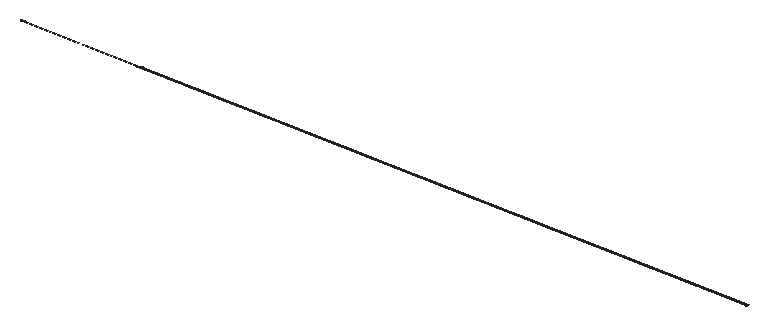
Revit family "Flex Pro IP20_0068175-78", category Lighting Fixtures, host Face, Revit 2017
Family settings
  Host = Face
  Round Connector Dimension = Use Diameter
  Part Type = Normal
  OmniClass Number = 23.80.70.00
  OmniClass Title = Lighting
  Cut with Voids When Loaded = No
  Light Source = Yes
  Shared = No
  Room Calculation Point = No
Parameters (values of type "0068177 FLEX PRO IP20 5150LM 940")
  Weight = "4.0 kg"
  Wattage Comments = ""
  Wattage = 48 W
  WarrantyStartDate [instance] = "n/a"
  WarrantyGuarantorParts = "n/a"
  WarrantyDurationUnit = "n/a"
  WarrantyDurationParts = "n/a"
  WarrantyDescription = "n/a"
  built-in parameter 1150110 = 1 (stored number, unit not read)
  Voltage = 0 V
  URL = "http://www.sylvania-lighting.com"
  TypeName = "Flex Pro IP20 5150lm 940"
  Type Image = <None>
  Type Comments = "n/a"
  built-in parameter 1114217 = 1 (stored number, unit not read)
  Tilt Angle = -90.00°
  built-in parameter 1150109 = 1 (stored number, unit not read)
  built-in parameter 1150134 = 12
  built-in parameter 1150113 = 1 (stored number, unit not read)
  SerialNumber [instance] = "n/a"
  Photometric Web File = "0068177.ies"
  PHOTOMETRY3_SYL = 0 mm
  PHOTOMETRY2_SYL = LUM_WIDTH_SYL  # 5 mm
  PHOTOMETRY1_SYL = LUM_LENGHT_SYL / 2  # 2500 mm
  Material_3_SYL = none
  PowerFactor = 0
  PowerConsumption = "48 W"
  NominalLength = 5000 mm
  NominalHeight = 1.2 mm
  NominalDepth = 10 mm
  Name = "Flex Pro IP20 5150lm 940"
  ModelReference = Name  # "Flex Pro IP20 5150lm 940"
  ModelNumber = "0068177"
  Model = Name  # "Flex Pro IP20 5150lm 940"
  Material = "n/a"
  ManufacturerName = "Feilo Sylvania"
  Manufacturer = "Feilo Sylvania"
  LuminousEfficacy = "107 lm/W"
  built-in parameter 1150105 = 408.71 (stored number, unit not read)
  Lumens = 5136 lm
  LuminaireType = ""
  built-in parameter 1150115 = 1 (stored number, unit not read)
  LightOutputRatio = "n/a"
  built-in parameter 1150137 = (empty or 0)
  built-in parameter 1150139 = (empty or 0)
  LampsType = Lamp  # "LED"
  LampNominalLuminous = "5150 lm"
  LampMacAdamStep = "n/a"
  LampColourTemperature = "4000 K"
  LampColourRenderingIndex = "90"
  built-in parameter 1150112 = 1 (stored number, unit not read)
  built-in parameter 1150114 = 1 (stored number, unit not read)
  Lamp = "LED"
  LUM_WIDTH_SYL = 5 mm
  LUM_LENGHT_SYL!!!! = "MUST BE DIVISIBLE WITH 50"
  LUM_LENGHT_SYL = 5000 mm  # constant formula
  LED_CH_S_WIDTH_SYL = 1.5 mm
  LED_CH_S_DEPTH2_SYL = 1 mm
  LED_CH_S_DEPTH1_SYL = 1.1 mm
  LED_CH_L_WIDTH_SYL = 1.7 mm
  LED_CH_L_DIST_SYL = 8.3 mm
  LED_CH_L_DIST1_SYL = 6 mm
  LED_CH_L_DEPTH_SYL = 1.4 mm
  Keynote = "16500"
  InstallationDate [instance] = "n/a"
  InputVoltage = "n/a"
  InputNominalFrequency = "n/a"
  built-in parameter 1150132 = (empty or 0)
  built-in parameter 1150102 = (empty or 0)
  built-in parameter 1150107 = 4000 (stored number, unit not read)
  built-in parameter 1150138 = (empty or 0)
  IngressProtection = "IP20"
  ImpactProtectionIndex = "IK00"
  built-in parameter 1150106 = 4.0871 (stored number, unit not read)
  IfcExportType = "IfcLightFixtureType"
  IfcExportAs = "IfcLightFixtureType"
  Emit from Circle Diameter = 609.6 mm
  Emit Shape Visible in Rendering = no
  ElectricShockClassification = "Class III"
  built-in parameter 1150104 = 9.9406 (stored number, unit not read)
  DocumentationLiterature = "http://www.sylvania-lighting.com/product/en-int/products/0068177"
  DimmingControlOptions = "n/a"
  Material_2_SYL = Default New Material
  Dimming Lamp Color Temperature Shift = <None>
  Description = ""
  Default Elevation = 1219.2 mm
  CreatedOn = "10/16/2020"
  CreatedBy = "@sylvania-lighting.com"
  Cost = 0
  Color Filter = 16777215
  built-in parameter 1114216 [instance] = (empty or 0)
  ClassificationValue = "EF_70_80"
  ClassificationName = "Uniclass2015"
  Material_1_SYL = Default
  CABLE_LENGHT_SYL = 1000 mm
  CABLE_FIX_SYL = 1 mm
  CABLE_END_SYL = 15 mm
  CABLE_DIST_SYL = 1.5 mm
  CABLE_DIST2_SYL = 1.5 mm
  CABLE_BLEND_SYL = 20 mm
  BarCode [instance] = "n/a"
  built-in parameter 1114218 = 1 (stored number, unit not read)
  built-in parameter 1150133 = 10 (stored number, unit not read)
  AssetType = "Fixed"
  AssetIdentifier [instance] = "n/a"
  Assembly Code = "D5020200"
  Apparent Load = 48 VA
  Material_4_SYL = none
Reference planes
  plane 1 "Center (Front/Back)": y = 0
  plane 2: z = 0
  plane 3 "Center (Left/Right)": x = 0
  plane 4: x = 5000
  plane 5: y = 5
  plane 6: y = -5
  plane 7: x = 1
  plane 8: x = -1000
  plane 9: x = -20
  plane 10: x = -985
  plane 11: y = 1.5
  plane 12: y = -1.5
  plane 13: y = 3.5
  plane 14: y = -3.5
  plane 15: y = 1.7
  plane 16: y = -1.7
  plane 17: y = 1.5
  plane 18: y = -1.5
  plane 19: x = 6
  plane 20: x = 14.3
  plane 21: x = 22.6
  plane 22: x = 30.9
  plane 23: x = 39.2
  plane 24: x = 47.5
  plane 25: x = 7.4
  plane 26: x = 4.6
  plane 27: x = 15.7
  plane 28: x = 12.9
  plane 29: x = 24
  plane 30: x = 21.2
  plane 31: x = 32.3
  plane 32: x = 29.5
  plane 33: x = 37.8
  plane 34: x = 40.6
  plane 35: x = 46.1
  plane 36: x = 48.9
  plane 37: x = 10.1
  plane 38: x = 18.4
  plane 39: x = 26.7
  plane 40: x = 35
  plane 41: x = 43.3
  plane 42: x = 9.1
  plane 43: x = 11.2
  plane 44: x = 17.4
  plane 45: x = 19.5
  plane 46: x = 44.4
  plane 47: x = 42.3
  plane 48: x = 36.1
  plane 49: x = 34
Forms (mm)
  Extrusion 1, solid, material "Default" <- "Material_1_SYL"
    sketch origin (0, 0, 0) x (1, 0, 0) y (0, 1, 0)
      loop
        line (0, 5) -> (0, -5) -> (5000, -5) -> (5000, 5) -> (0, 5)
    from -0.9 to -1.2
  Sweep 2, solid, material "Default New Material" <- "Material_2_SYL"
    path origin (0, 0, 0) x (1, 0, 0) y (0, 1, 0)
      loop
        line (1, 3.5) -> (0, 3.5) -> (-20, 1.5) -> (-985, 1.5)
    profile origin (-10, 2.5, 0) x (0.099504, -0.995037, 0) y (0, 0, 1)
      loop
        circle (0, 0) r 1.399
  Sweep 3, solid, material "Default New Material" <- "Material_2_SYL"
    path origin (0, 0, 0) x (1, 0, 0) y (0, 1, 0)
      loop
        line (1, -3.5) -> (0, -3.5) -> (-20, -1.5) -> (-985, -1.5)
    profile origin (-10, -2.5, 0) x (-0.099504, -0.995037, 0) y (0, 0, 1)
      loop
        circle (0, 0) r 1.353
  Revolve 4, solid
    sketch origin (0, 0, 0) x (1, 0, 0) y (0, 1, 0)
      loop
        line (-985, 1.5) -> (-985, 2.444) -> (-1000, 2.444) -> (-1000, 1.5) -> (-985, 1.5)
      axis (-985, 1.5) -> (-1000, 1.5)
    angle from 360 to 0
  Revolve 5, solid
    sketch origin (0, 0, 0) x (1, 0, 0) y (0, 1, 0)
      loop
        line (-985, -1.5) -> (-1000, -1.5) -> (-1000, -2.423) -> (-985, -2.423) -> (-985, -1.5)
      axis (-985, -1.5) -> (-1000, -1.5)
    angle from 360 to 0
  Extrusion 6, solid
    sketch origin (0, 0, 0) x (1, 0, 0) y (0, 1, 0)
      loop
        line (7.4, -1.7) -> (7.4, 1.7) -> (4.6, 1.7) -> (4.6, -1.7) -> (7.4, -1.7)
      loop
        line (15.7, -1.7) -> (15.7, 1.7) -> (12.9, 1.7) -> (12.9, -1.7) -> (15.7, -1.7)
      loop
        line (21.2, 1.7) -> (21.2, -1.7) -> (24, -1.7) -> (24, 1.7) -> (21.2, 1.7)
      loop
        line (32.3, -1.7) -> (32.3, 1.7) -> (29.5, 1.7) -> (29.5, -1.7) -> (32.3, -1.7)
      loop
        line (40.6, -1.7) -> (40.6, 1.7) -> (37.8, 1.7) -> (37.8, -1.7) -> (40.6, -1.7)
      loop
        line (48.9, -1.7) -> (48.9, 1.7) -> (46.1, 1.7) -> (46.1, -1.7) -> (48.9, -1.7)
    from -1.2 to 0
  Extrusion 7, solid
    sketch origin (0, 0, 0) x (1, 0, 0) y (0, 1, 0)
      loop
        line (9.1, 1.5) -> (9.1, -1.5) -> (11.2, -1.5) -> (11.2, 1.5) -> (9.1, 1.5)
      loop
        line (17.4, 1.5) -> (17.4, -1.5) -> (19.5, -1.5) -> (19.5, 1.5) -> (17.4, 1.5)
      loop
        line (34, 1.5) -> (34, -1.5) -> (36.1, -1.5) -> (36.1, 1.5) -> (34, 1.5)
      loop
        line (42.3, 1.5) -> (42.3, -1.5) -> (44.4, -1.5) -> (44.4, 1.5) -> (42.3, 1.5)
    from -1.2 to -0.5
  Extrusion 8, solid
    sketch origin (4946.4, 0, 0) x (1, 0, 0) y (0, 1, 0)
      loop
        line (7.4, -1.7) -> (7.4, 1.7) -> (4.6, 1.7) -> (4.6, -1.7) -> (7.4, -1.7)
      loop
        line (15.7, -1.7) -> (15.7, 1.7) -> (12.9, 1.7) -> (12.9, -1.7) -> (15.7, -1.7)
      loop
        line (21.2, 1.7) -> (21.2, -1.7) -> (24, -1.7) -> (24, 1.7) -> (21.2, 1.7)
      loop
        line (32.3, -1.7) -> (32.3, 1.7) -> (29.5, 1.7) -> (29.5, -1.7) -> (32.3, -1.7)
      loop
        line (40.6, -1.7) -> (40.6, 1.7) -> (37.8, 1.7) -> (37.8, -1.7) -> (40.6, -1.7)
      loop
        line (48.9, -1.7) -> (48.9, 1.7) -> (46.1, 1.7) -> (46.1, -1.7) -> (48.9, -1.7)
    from -1.2 to 0
  Extrusion 9, solid
    sketch origin (49.964, 0, 0) x (1, 0, 0) y (0, 1, 0)
      loop
        line (7.4, -1.7) -> (7.4, 1.7) -> (4.6, 1.7) -> (4.6, -1.7) -> (7.4, -1.7)
      loop
        line (15.7, -1.7) -> (15.7, 1.7) -> (12.9, 1.7) -> (12.9, -1.7) -> (15.7, -1.7)
      loop
        line (21.2, 1.7) -> (21.2, -1.7) -> (24, -1.7) -> (24, 1.7) -> (21.2, 1.7)
      loop
        line (32.3, -1.7) -> (32.3, 1.7) -> (29.5, 1.7) -> (29.5, -1.7) -> (32.3, -1.7)
      loop
        line (40.6, -1.7) -> (40.6, 1.7) -> (37.8, 1.7) -> (37.8, -1.7) -> (40.6, -1.7)
      loop
        line (48.9, -1.7) -> (48.9, 1.7) -> (46.1, 1.7) -> (46.1, -1.7) -> (48.9, -1.7)
    from -1.2 to 0
  Extrusion 10, solid
    sketch origin (99.927, 0, 0) x (1, 0, 0) y (0, 1, 0)
      loop
        line (7.4, -1.7) -> (7.4, 1.7) -> (4.6, 1.7) -> (4.6, -1.7) -> (7.4, -1.7)
      loop
        line (15.7, -1.7) -> (15.7, 1.7) -> (12.9, 1.7) -> (12.9, -1.7) -> (15.7, -1.7)
      loop
        line (21.2, 1.7) -> (21.2, -1.7) -> (24, -1.7) -> (24, 1.7) -> (21.2, 1.7)
      loop
        line (32.3, -1.7) -> (32.3, 1.7) -> (29.5, 1.7) -> (29.5, -1.7) -> (32.3, -1.7)
      loop
        line (40.6, -1.7) -> (40.6, 1.7) -> (37.8, 1.7) -> (37.8, -1.7) -> (40.6, -1.7)
      loop
        line (48.9, -1.7) -> (48.9, 1.7) -> (46.1, 1.7) -> (46.1, -1.7) -> (48.9, -1.7)
    from -1.2 to 0
  Extrusion 11, solid
    sketch origin (149.891, 0, 0) x (1, 0, 0) y (0, 1, 0)
      loop
        line (7.4, -1.7) -> (7.4, 1.7) -> (4.6, 1.7) -> (4.6, -1.7) -> (7.4, -1.7)
      loop
        line (15.7, -1.7) -> (15.7, 1.7) -> (12.9, 1.7) -> (12.9, -1.7) -> (15.7, -1.7)
      loop
        line (21.2, 1.7) -> (21.2, -1.7) -> (24, -1.7) -> (24, 1.7) -> (21.2, 1.7)
      loop
        line (32.3, -1.7) -> (32.3, 1.7) -> (29.5, 1.7) -> (29.5, -1.7) -> (32.3, -1.7)
      loop
        line (40.6, -1.7) -> (40.6, 1.7) -> (37.8, 1.7) -> (37.8, -1.7) -> (40.6, -1.7)
      loop
        line (48.9, -1.7) -> (48.9, 1.7) -> (46.1, 1.7) -> (46.1, -1.7) -> (48.9, -1.7)
    from -1.2 to 0
  Extrusion 12, solid
    sketch origin (199.855, 0, 0) x (1, 0, 0) y (0, 1, 0)
      loop
        line (7.4, -1.7) -> (7.4, 1.7) -> (4.6, 1.7) -> (4.6, -1.7) -> (7.4, -1.7)
      loop
        line (15.7, -1.7) -> (15.7, 1.7) -> (12.9, 1.7) -> (12.9, -1.7) -> (15.7, -1.7)
      loop
        line (21.2, 1.7) -> (21.2, -1.7) -> (24, -1.7) -> (24, 1.7) -> (21.2, 1.7)
      loop
        line (32.3, -1.7) -> (32.3, 1.7) -> (29.5, 1.7) -> (29.5, -1.7) -> (32.3, -1.7)
      loop
        line (40.6, -1.7) -> (40.6, 1.7) -> (37.8, 1.7) -> (37.8, -1.7) -> (40.6, -1.7)
      loop
        line (48.9, -1.7) -> (48.9, 1.7) -> (46.1, 1.7) -> (46.1, -1.7) -> (48.9, -1.7)
    from -1.2 to 0
  Extrusion 13, solid
    sketch origin (249.818, 0, 0) x (1, 0, 0) y (0, 1, 0)
      loop
        line (7.4, -1.7) -> (7.4, 1.7) -> (4.6, 1.7) -> (4.6, -1.7) -> (7.4, -1.7)
      loop
        line (15.7, -1.7) -> (15.7, 1.7) -> (12.9, 1.7) -> (12.9, -1.7) -> (15.7, -1.7)
      loop
        line (21.2, 1.7) -> (21.2, -1.7) -> (24, -1.7) -> (24, 1.7) -> (21.2, 1.7)
      loop
        line (32.3, -1.7) -> (32.3, 1.7) -> (29.5, 1.7) -> (29.5, -1.7) -> (32.3, -1.7)
      loop
        line (40.6, -1.7) -> (40.6, 1.7) -> (37.8, 1.7) -> (37.8, -1.7) -> (40.6, -1.7)
      loop
        line (48.9, -1.7) -> (48.9, 1.7) -> (46.1, 1.7) -> (46.1, -1.7) -> (48.9, -1.7)
    from -1.2 to 0
  Extrusion 14, solid
    sketch origin (299.782, 0, 0) x (1, 0, 0) y (0, 1, 0)
      loop
        line (7.4, -1.7) -> (7.4, 1.7) -> (4.6, 1.7) -> (4.6, -1.7) -> (7.4, -1.7)
      loop
        line (15.7, -1.7) -> (15.7, 1.7) -> (12.9, 1.7) -> (12.9, -1.7) -> (15.7, -1.7)
      loop
        line (21.2, 1.7) -> (21.2, -1.7) -> (24, -1.7) -> (24, 1.7) -> (21.2, 1.7)
      loop
        line (32.3, -1.7) -> (32.3, 1.7) -> (29.5, 1.7) -> (29.5, -1.7) -> (32.3, -1.7)
      loop
        line (40.6, -1.7) -> (40.6, 1.7) -> (37.8, 1.7) -> (37.8, -1.7) -> (40.6, -1.7)
      loop
        line (48.9, -1.7) -> (48.9, 1.7) -> (46.1, 1.7) -> (46.1, -1.7) -> (48.9, -1.7)
    from -1.2 to 0
  Extrusion 15, solid
    sketch origin (349.745, 0, 0) x (1, 0, 0) y (0, 1, 0)
      loop
        line (7.4, -1.7) -> (7.4, 1.7) -> (4.6, 1.7) -> (4.6, -1.7) -> (7.4, -1.7)
      loop
        line (15.7, -1.7) -> (15.7, 1.7) -> (12.9, 1.7) -> (12.9, -1.7) -> (15.7, -1.7)
      loop
        line (21.2, 1.7) -> (21.2, -1.7) -> (24, -1.7) -> (24, 1.7) -> (21.2, 1.7)
      loop
        line (32.3, -1.7) -> (32.3, 1.7) -> (29.5, 1.7) -> (29.5, -1.7) -> (32.3, -1.7)
      loop
        line (40.6, -1.7) -> (40.6, 1.7) -> (37.8, 1.7) -> (37.8, -1.7) -> (40.6, -1.7)
      loop
        line (48.9, -1.7) -> (48.9, 1.7) -> (46.1, 1.7) -> (46.1, -1.7) -> (48.9, -1.7)
    from -1.2 to 0
  Extrusion 16, solid
    sketch origin (399.709, 0, 0) x (1, 0, 0) y (0, 1, 0)
      loop
        line (7.4, -1.7) -> (7.4, 1.7) -> (4.6, 1.7) -> (4.6, -1.7) -> (7.4, -1.7)
      loop
        line (15.7, -1.7) -> (15.7, 1.7) -> (12.9, 1.7) -> (12.9, -1.7) -> (15.7, -1.7)
      loop
        line (21.2, 1.7) -> (21.2, -1.7) -> (24, -1.7) -> (24, 1.7) -> (21.2, 1.7)
      loop
        line (32.3, -1.7) -> (32.3, 1.7) -> (29.5, 1.7) -> (29.5, -1.7) -> (32.3, -1.7)
      loop
        line (40.6, -1.7) -> (40.6, 1.7) -> (37.8, 1.7) -> (37.8, -1.7) -> (40.6, -1.7)
      loop
        line (48.9, -1.7) -> (48.9, 1.7) -> (46.1, 1.7) -> (46.1, -1.7) -> (48.9, -1.7)
    from -1.2 to 0
  Extrusion 17, solid
    sketch origin (449.673, 0, 0) x (1, 0, 0) y (0, 1, 0)
      loop
        line (7.4, -1.7) -> (7.4, 1.7) -> (4.6, 1.7) -> (4.6, -1.7) -> (7.4, -1.7)
      loop
        line (15.7, -1.7) -> (15.7, 1.7) -> (12.9, 1.7) -> (12.9, -1.7) -> (15.7, -1.7)
      loop
        line (21.2, 1.7) -> (21.2, -1.7) -> (24, -1.7) -> (24, 1.7) -> (21.2, 1.7)
      loop
        line (32.3, -1.7) -> (32.3, 1.7) -> (29.5, 1.7) -> (29.5, -1.7) -> (32.3, -1.7)
      loop
        line (40.6, -1.7) -> (40.6, 1.7) -> (37.8, 1.7) -> (37.8, -1.7) -> (40.6, -1.7)
      loop
        line (48.9, -1.7) -> (48.9, 1.7) -> (46.1, 1.7) -> (46.1, -1.7) -> (48.9, -1.7)
    from -1.2 to 0
  Extrusion 18, solid
    sketch origin (499.636, 0, 0) x (1, 0, 0) y (0, 1, 0)
      loop
        line (7.4, -1.7) -> (7.4, 1.7) -> (4.6, 1.7) -> (4.6, -1.7) -> (7.4, -1.7)
      loop
        line (15.7, -1.7) -> (15.7, 1.7) -> (12.9, 1.7) -> (12.9, -1.7) -> (15.7, -1.7)
      loop
        line (21.2, 1.7) -> (21.2, -1.7) -> (24, -1.7) -> (24, 1.7) -> (21.2, 1.7)
      loop
        line (32.3, -1.7) -> (32.3, 1.7) -> (29.5, 1.7) -> (29.5, -1.7) -> (32.3, -1.7)
      loop
        line (40.6, -1.7) -> (40.6, 1.7) -> (37.8, 1.7) -> (37.8, -1.7) -> (40.6, -1.7)
      loop
        line (48.9, -1.7) -> (48.9, 1.7) -> (46.1, 1.7) -> (46.1, -1.7) -> (48.9, -1.7)
    from -1.2 to 0
  Extrusion 19, solid
    sketch origin (549.6, 0, 0) x (1, 0, 0) y (0, 1, 0)
      loop
        line (7.4, -1.7) -> (7.4, 1.7) -> (4.6, 1.7) -> (4.6, -1.7) -> (7.4, -1.7)
      loop
        line (15.7, -1.7) -> (15.7, 1.7) -> (12.9, 1.7) -> (12.9, -1.7) -> (15.7, -1.7)
      loop
        line (21.2, 1.7) -> (21.2, -1.7) -> (24, -1.7) -> (24, 1.7) -> (21.2, 1.7)
      loop
        line (32.3, -1.7) -> (32.3, 1.7) -> (29.5, 1.7) -> (29.5, -1.7) -> (32.3, -1.7)
      loop
        line (40.6, -1.7) -> (40.6, 1.7) -> (37.8, 1.7) -> (37.8, -1.7) -> (40.6, -1.7)
      loop
        line (48.9, -1.7) -> (48.9, 1.7) -> (46.1, 1.7) -> (46.1, -1.7) -> (48.9, -1.7)
    from -1.2 to 0
  Extrusion 20, solid
    sketch origin (599.564, 0, 0) x (1, 0, 0) y (0, 1, 0)
      loop
        line (7.4, -1.7) -> (7.4, 1.7) -> (4.6, 1.7) -> (4.6, -1.7) -> (7.4, -1.7)
      loop
        line (15.7, -1.7) -> (15.7, 1.7) -> (12.9, 1.7) -> (12.9, -1.7) -> (15.7, -1.7)
      loop
        line (21.2, 1.7) -> (21.2, -1.7) -> (24, -1.7) -> (24, 1.7) -> (21.2, 1.7)
      loop
        line (32.3, -1.7) -> (32.3, 1.7) -> (29.5, 1.7) -> (29.5, -1.7) -> (32.3, -1.7)
      loop
        line (40.6, -1.7) -> (40.6, 1.7) -> (37.8, 1.7) -> (37.8, -1.7) -> (40.6, -1.7)
      loop
        line (48.9, -1.7) -> (48.9, 1.7) -> (46.1, 1.7) -> (46.1, -1.7) -> (48.9, -1.7)
    from -1.2 to 0
  Extrusion 21, solid
    sketch origin (649.527, 0, 0) x (1, 0, 0) y (0, 1, 0)
      loop
        line (7.4, -1.7) -> (7.4, 1.7) -> (4.6, 1.7) -> (4.6, -1.7) -> (7.4, -1.7)
      loop
        line (15.7, -1.7) -> (15.7, 1.7) -> (12.9, 1.7) -> (12.9, -1.7) -> (15.7, -1.7)
      loop
        line (21.2, 1.7) -> (21.2, -1.7) -> (24, -1.7) -> (24, 1.7) -> (21.2, 1.7)
      loop
        line (32.3, -1.7) -> (32.3, 1.7) -> (29.5, 1.7) -> (29.5, -1.7) -> (32.3, -1.7)
      loop
        line (40.6, -1.7) -> (40.6, 1.7) -> (37.8, 1.7) -> (37.8, -1.7) -> (40.6, -1.7)
      loop
        line (48.9, -1.7) -> (48.9, 1.7) -> (46.1, 1.7) -> (46.1, -1.7) -> (48.9, -1.7)
    from -1.2 to 0
  Extrusion 22, solid
    sketch origin (699.491, 0, 0) x (1, 0, 0) y (0, 1, 0)
      loop
        line (7.4, -1.7) -> (7.4, 1.7) -> (4.6, 1.7) -> (4.6, -1.7) -> (7.4, -1.7)
      loop
        line (15.7, -1.7) -> (15.7, 1.7) -> (12.9, 1.7) -> (12.9, -1.7) -> (15.7, -1.7)
      loop
        line (21.2, 1.7) -> (21.2, -1.7) -> (24, -1.7) -> (24, 1.7) -> (21.2, 1.7)
      loop
        line (32.3, -1.7) -> (32.3, 1.7) -> (29.5, 1.7) -> (29.5, -1.7) -> (32.3, -1.7)
      loop
        line (40.6, -1.7) -> (40.6, 1.7) -> (37.8, 1.7) -> (37.8, -1.7) -> (40.6, -1.7)
      loop
        line (48.9, -1.7) -> (48.9, 1.7) -> (46.1, 1.7) -> (46.1, -1.7) -> (48.9, -1.7)
    from -1.2 to 0
  Extrusion 23, solid
    sketch origin (749.455, 0, 0) x (1, 0, 0) y (0, 1, 0)
      loop
        line (7.4, -1.7) -> (7.4, 1.7) -> (4.6, 1.7) -> (4.6, -1.7) -> (7.4, -1.7)
      loop
        line (15.7, -1.7) -> (15.7, 1.7) -> (12.9, 1.7) -> (12.9, -1.7) -> (15.7, -1.7)
      loop
        line (21.2, 1.7) -> (21.2, -1.7) -> (24, -1.7) -> (24, 1.7) -> (21.2, 1.7)
      loop
        line (32.3, -1.7) -> (32.3, 1.7) -> (29.5, 1.7) -> (29.5, -1.7) -> (32.3, -1.7)
      loop
        line (40.6, -1.7) -> (40.6, 1.7) -> (37.8, 1.7) -> (37.8, -1.7) -> (40.6, -1.7)
      loop
        line (48.9, -1.7) -> (48.9, 1.7) -> (46.1, 1.7) -> (46.1, -1.7) -> (48.9, -1.7)
    from -1.2 to 0
  Extrusion 24, solid
    sketch origin (799.418, 0, 0) x (1, 0, 0) y (0, 1, 0)
      loop
        line (7.4, -1.7) -> (7.4, 1.7) -> (4.6, 1.7) -> (4.6, -1.7) -> (7.4, -1.7)
      loop
        line (15.7, -1.7) -> (15.7, 1.7) -> (12.9, 1.7) -> (12.9, -1.7) -> (15.7, -1.7)
      loop
        line (21.2, 1.7) -> (21.2, -1.7) -> (24, -1.7) -> (24, 1.7) -> (21.2, 1.7)
      loop
        line (32.3, -1.7) -> (32.3, 1.7) -> (29.5, 1.7) -> (29.5, -1.7) -> (32.3, -1.7)
      loop
        line (40.6, -1.7) -> (40.6, 1.7) -> (37.8, 1.7) -> (37.8, -1.7) -> (40.6, -1.7)
      loop
        line (48.9, -1.7) -> (48.9, 1.7) -> (46.1, 1.7) -> (46.1, -1.7) -> (48.9, -1.7)
    from -1.2 to 0
  Extrusion 25, solid
    sketch origin (849.382, 0, 0) x (1, 0, 0) y (0, 1, 0)
      loop
        line (7.4, -1.7) -> (7.4, 1.7) -> (4.6, 1.7) -> (4.6, -1.7) -> (7.4, -1.7)
      loop
        line (15.7, -1.7) -> (15.7, 1.7) -> (12.9, 1.7) -> (12.9, -1.7) -> (15.7, -1.7)
      loop
        line (21.2, 1.7) -> (21.2, -1.7) -> (24, -1.7) -> (24, 1.7) -> (21.2, 1.7)
      loop
        line (32.3, -1.7) -> (32.3, 1.7) -> (29.5, 1.7) -> (29.5, -1.7) -> (32.3, -1.7)
      loop
        line (40.6, -1.7) -> (40.6, 1.7) -> (37.8, 1.7) -> (37.8, -1.7) -> (40.6, -1.7)
      loop
        line (48.9, -1.7) -> (48.9, 1.7) -> (46.1, 1.7) -> (46.1, -1.7) -> (48.9, -1.7)
    from -1.2 to 0
  Extrusion 26, solid
    sketch origin (899.345, 0, 0) x (1, 0, 0) y (0, 1, 0)
      loop
        line (7.4, -1.7) -> (7.4, 1.7) -> (4.6, 1.7) -> (4.6, -1.7) -> (7.4, -1.7)
      loop
        line (15.7, -1.7) -> (15.7, 1.7) -> (12.9, 1.7) -> (12.9, -1.7) -> (15.7, -1.7)
      loop
        line (21.2, 1.7) -> (21.2, -1.7) -> (24, -1.7) -> (24, 1.7) -> (21.2, 1.7)
      loop
        line (32.3, -1.7) -> (32.3, 1.7) -> (29.5, 1.7) -> (29.5, -1.7) -> (32.3, -1.7)
      loop
        line (40.6, -1.7) -> (40.6, 1.7) -> (37.8, 1.7) -> (37.8, -1.7) -> (40.6, -1.7)
      loop
        line (48.9, -1.7) -> (48.9, 1.7) -> (46.1, 1.7) -> (46.1, -1.7) -> (48.9, -1.7)
    from -1.2 to 0
  Extrusion 27, solid
    sketch origin (949.309, 0, 0) x (1, 0, 0) y (0, 1, 0)
      loop
        line (7.4, -1.7) -> (7.4, 1.7) -> (4.6, 1.7) -> (4.6, -1.7) -> (7.4, -1.7)
      loop
        line (15.7, -1.7) -> (15.7, 1.7) -> (12.9, 1.7) -> (12.9, -1.7) -> (15.7, -1.7)
      loop
        line (21.2, 1.7) -> (21.2, -1.7) -> (24, -1.7) -> (24, 1.7) -> (21.2, 1.7)
      loop
        line (32.3, -1.7) -> (32.3, 1.7) -> (29.5, 1.7) -> (29.5, -1.7) -> (32.3, -1.7)
      loop
        line (40.6, -1.7) -> (40.6, 1.7) -> (37.8, 1.7) -> (37.8, -1.7) -> (40.6, -1.7)
      loop
        line (48.9, -1.7) -> (48.9, 1.7) -> (46.1, 1.7) -> (46.1, -1.7) -> (48.9, -1.7)
    from -1.2 to 0
  Extrusion 28, solid
    sketch origin (999.273, 0, 0) x (1, 0, 0) y (0, 1, 0)
      loop
        line (7.4, -1.7) -> (7.4, 1.7) -> (4.6, 1.7) -> (4.6, -1.7) -> (7.4, -1.7)
      loop
        line (15.7, -1.7) -> (15.7, 1.7) -> (12.9, 1.7) -> (12.9, -1.7) -> (15.7, -1.7)
      loop
        line (21.2, 1.7) -> (21.2, -1.7) -> (24, -1.7) -> (24, 1.7) -> (21.2, 1.7)
      loop
        line (32.3, -1.7) -> (32.3, 1.7) -> (29.5, 1.7) -> (29.5, -1.7) -> (32.3, -1.7)
      loop
        line (40.6, -1.7) -> (40.6, 1.7) -> (37.8, 1.7) -> (37.8, -1.7) -> (40.6, -1.7)
      loop
        line (48.9, -1.7) -> (48.9, 1.7) -> (46.1, 1.7) -> (46.1, -1.7) -> (48.9, -1.7)
    from -1.2 to 0
  Extrusion 29, solid
    sketch origin (1049.236, 0, 0) x (1, 0, 0) y (0, 1, 0)
      loop
        line (7.4, -1.7) -> (7.4, 1.7) -> (4.6, 1.7) -> (4.6, -1.7) -> (7.4, -1.7)
      loop
        line (15.7, -1.7) -> (15.7, 1.7) -> (12.9, 1.7) -> (12.9, -1.7) -> (15.7, -1.7)
      loop
        line (21.2, 1.7) -> (21.2, -1.7) -> (24, -1.7) -> (24, 1.7) -> (21.2, 1.7)
      loop
        line (32.3, -1.7) -> (32.3, 1.7) -> (29.5, 1.7) -> (29.5, -1.7) -> (32.3, -1.7)
      loop
        line (40.6, -1.7) -> (40.6, 1.7) -> (37.8, 1.7) -> (37.8, -1.7) -> (40.6, -1.7)
      loop
        line (48.9, -1.7) -> (48.9, 1.7) -> (46.1, 1.7) -> (46.1, -1.7) -> (48.9, -1.7)
    from -1.2 to 0
  Extrusion 30, solid
    sketch origin (1099.2, 0, 0) x (1, 0, 0) y (0, 1, 0)
      loop
        line (7.4, -1.7) -> (7.4, 1.7) -> (4.6, 1.7) -> (4.6, -1.7) -> (7.4, -1.7)
      loop
        line (15.7, -1.7) -> (15.7, 1.7) -> (12.9, 1.7) -> (12.9, -1.7) -> (15.7, -1.7)
      loop
        line (21.2, 1.7) -> (21.2, -1.7) -> (24, -1.7) -> (24, 1.7) -> (21.2, 1.7)
      loop
        line (32.3, -1.7) -> (32.3, 1.7) -> (29.5, 1.7) -> (29.5, -1.7) -> (32.3, -1.7)
      loop
        line (40.6, -1.7) -> (40.6, 1.7) -> (37.8, 1.7) -> (37.8, -1.7) -> (40.6, -1.7)
      loop
        line (48.9, -1.7) -> (48.9, 1.7) -> (46.1, 1.7) -> (46.1, -1.7) -> (48.9, -1.7)
    from -1.2 to 0
  Extrusion 31, solid
    sketch origin (1149.164, 0, 0) x (1, 0, 0) y (0, 1, 0)
      loop
        line (7.4, -1.7) -> (7.4, 1.7) -> (4.6, 1.7) -> (4.6, -1.7) -> (7.4, -1.7)
      loop
        line (15.7, -1.7) -> (15.7, 1.7) -> (12.9, 1.7) -> (12.9, -1.7) -> (15.7, -1.7)
      loop
        line (21.2, 1.7) -> (21.2, -1.7) -> (24, -1.7) -> (24, 1.7) -> (21.2, 1.7)
      loop
        line (32.3, -1.7) -> (32.3, 1.7) -> (29.5, 1.7) -> (29.5, -1.7) -> (32.3, -1.7)
      loop
        line (40.6, -1.7) -> (40.6, 1.7) -> (37.8, 1.7) -> (37.8, -1.7) -> (40.6, -1.7)
      loop
        line (48.9, -1.7) -> (48.9, 1.7) -> (46.1, 1.7) -> (46.1, -1.7) -> (48.9, -1.7)
    from -1.2 to 0
  Extrusion 32, solid
    sketch origin (1199.127, 0, 0) x (1, 0, 0) y (0, 1, 0)
      loop
        line (7.4, -1.7) -> (7.4, 1.7) -> (4.6, 1.7) -> (4.6, -1.7) -> (7.4, -1.7)
      loop
        line (15.7, -1.7) -> (15.7, 1.7) -> (12.9, 1.7) -> (12.9, -1.7) -> (15.7, -1.7)
      loop
        line (21.2, 1.7) -> (21.2, -1.7) -> (24, -1.7) -> (24, 1.7) -> (21.2, 1.7)
      loop
        line (32.3, -1.7) -> (32.3, 1.7) -> (29.5, 1.7) -> (29.5, -1.7) -> (32.3, -1.7)
      loop
        line (40.6, -1.7) -> (40.6, 1.7) -> (37.8, 1.7) -> (37.8, -1.7) -> (40.6, -1.7)
      loop
        line (48.9, -1.7) -> (48.9, 1.7) -> (46.1, 1.7) -> (46.1, -1.7) -> (48.9, -1.7)
    from -1.2 to 0
  Extrusion 33, solid
    sketch origin (1249.091, 0, 0) x (1, 0, 0) y (0, 1, 0)
      loop
        line (7.4, -1.7) -> (7.4, 1.7) -> (4.6, 1.7) -> (4.6, -1.7) -> (7.4, -1.7)
      loop
        line (15.7, -1.7) -> (15.7, 1.7) -> (12.9, 1.7) -> (12.9, -1.7) -> (15.7, -1.7)
      loop
        line (21.2, 1.7) -> (21.2, -1.7) -> (24, -1.7) -> (24, 1.7) -> (21.2, 1.7)
      loop
        line (32.3, -1.7) -> (32.3, 1.7) -> (29.5, 1.7) -> (29.5, -1.7) -> (32.3, -1.7)
      loop
        line (40.6, -1.7) -> (40.6, 1.7) -> (37.8, 1.7) -> (37.8, -1.7) -> (40.6, -1.7)
      loop
        line (48.9, -1.7) -> (48.9, 1.7) -> (46.1, 1.7) -> (46.1, -1.7) -> (48.9, -1.7)
    from -1.2 to 0
  Extrusion 34, solid
    sketch origin (1299.055, 0, 0) x (1, 0, 0) y (0, 1, 0)
      loop
        line (7.4, -1.7) -> (7.4, 1.7) -> (4.6, 1.7) -> (4.6, -1.7) -> (7.4, -1.7)
      loop
        line (15.7, -1.7) -> (15.7, 1.7) -> (12.9, 1.7) -> (12.9, -1.7) -> (15.7, -1.7)
      loop
        line (21.2, 1.7) -> (21.2, -1.7) -> (24, -1.7) -> (24, 1.7) -> (21.2, 1.7)
      loop
        line (32.3, -1.7) -> (32.3, 1.7) -> (29.5, 1.7) -> (29.5, -1.7) -> (32.3, -1.7)
      loop
        line (40.6, -1.7) -> (40.6, 1.7) -> (37.8, 1.7) -> (37.8, -1.7) -> (40.6, -1.7)
      loop
        line (48.9, -1.7) -> (48.9, 1.7) -> (46.1, 1.7) -> (46.1, -1.7) -> (48.9, -1.7)
    from -1.2 to 0
  Extrusion 35, solid
    sketch origin (1349.018, 0, 0) x (1, 0, 0) y (0, 1, 0)
      loop
        line (7.4, -1.7) -> (7.4, 1.7) -> (4.6, 1.7) -> (4.6, -1.7) -> (7.4, -1.7)
      loop
        line (15.7, -1.7) -> (15.7, 1.7) -> (12.9, 1.7) -> (12.9, -1.7) -> (15.7, -1.7)
      loop
        line (21.2, 1.7) -> (21.2, -1.7) -> (24, -1.7) -> (24, 1.7) -> (21.2, 1.7)
      loop
        line (32.3, -1.7) -> (32.3, 1.7) -> (29.5, 1.7) -> (29.5, -1.7) -> (32.3, -1.7)
      loop
        line (40.6, -1.7) -> (40.6, 1.7) -> (37.8, 1.7) -> (37.8, -1.7) -> (40.6, -1.7)
      loop
        line (48.9, -1.7) -> (48.9, 1.7) -> (46.1, 1.7) -> (46.1, -1.7) -> (48.9, -1.7)
    from -1.2 to 0
  Extrusion 36, solid
    sketch origin (1398.982, 0, 0) x (1, 0, 0) y (0, 1, 0)
      loop
        line (7.4, -1.7) -> (7.4, 1.7) -> (4.6, 1.7) -> (4.6, -1.7) -> (7.4, -1.7)
      loop
        line (15.7, -1.7) -> (15.7, 1.7) -> (12.9, 1.7) -> (12.9, -1.7) -> (15.7, -1.7)
      loop
        line (21.2, 1.7) -> (21.2, -1.7) -> (24, -1.7) -> (24, 1.7) -> (21.2, 1.7)
      loop
        line (32.3, -1.7) -> (32.3, 1.7) -> (29.5, 1.7) -> (29.5, -1.7) -> (32.3, -1.7)
      loop
        line (40.6, -1.7) -> (40.6, 1.7) -> (37.8, 1.7) -> (37.8, -1.7) -> (40.6, -1.7)
      loop
        line (48.9, -1.7) -> (48.9, 1.7) -> (46.1, 1.7) -> (46.1, -1.7) -> (48.9, -1.7)
    from -1.2 to 0
  Extrusion 37, solid
    sketch origin (1448.945, 0, 0) x (1, 0, 0) y (0, 1, 0)
      loop
        line (7.4, -1.7) -> (7.4, 1.7) -> (4.6, 1.7) -> (4.6, -1.7) -> (7.4, -1.7)
      loop
        line (15.7, -1.7) -> (15.7, 1.7) -> (12.9, 1.7) -> (12.9, -1.7) -> (15.7, -1.7)
      loop
        line (21.2, 1.7) -> (21.2, -1.7) -> (24, -1.7) -> (24, 1.7) -> (21.2, 1.7)
      loop
        line (32.3, -1.7) -> (32.3, 1.7) -> (29.5, 1.7) -> (29.5, -1.7) -> (32.3, -1.7)
      loop
        line (40.6, -1.7) -> (40.6, 1.7) -> (37.8, 1.7) -> (37.8, -1.7) -> (40.6, -1.7)
      loop
        line (48.9, -1.7) -> (48.9, 1.7) -> (46.1, 1.7) -> (46.1, -1.7) -> (48.9, -1.7)
    from -1.2 to 0
  Extrusion 38, solid
    sketch origin (1498.909, 0, 0) x (1, 0, 0) y (0, 1, 0)
      loop
        line (7.4, -1.7) -> (7.4, 1.7) -> (4.6, 1.7) -> (4.6, -1.7) -> (7.4, -1.7)
      loop
        line (15.7, -1.7) -> (15.7, 1.7) -> (12.9, 1.7) -> (12.9, -1.7) -> (15.7, -1.7)
      loop
        line (21.2, 1.7) -> (21.2, -1.7) -> (24, -1.7) -> (24, 1.7) -> (21.2, 1.7)
      loop
        line (32.3, -1.7) -> (32.3, 1.7) -> (29.5, 1.7) -> (29.5, -1.7) -> (32.3, -1.7)
      loop
        line (40.6, -1.7) -> (40.6, 1.7) -> (37.8, 1.7) -> (37.8, -1.7) -> (40.6, -1.7)
      loop
        line (48.9, -1.7) -> (48.9, 1.7) -> (46.1, 1.7) -> (46.1, -1.7) -> (48.9, -1.7)
    from -1.2 to 0
  Extrusion 39, solid
    sketch origin (1548.873, 0, 0) x (1, 0, 0) y (0, 1, 0)
      loop
        line (7.4, -1.7) -> (7.4, 1.7) -> (4.6, 1.7) -> (4.6, -1.7) -> (7.4, -1.7)
      loop
        line (15.7, -1.7) -> (15.7, 1.7) -> (12.9, 1.7) -> (12.9, -1.7) -> (15.7, -1.7)
      loop
        line (21.2, 1.7) -> (21.2, -1.7) -> (24, -1.7) -> (24, 1.7) -> (21.2, 1.7)
      loop
        line (32.3, -1.7) -> (32.3, 1.7) -> (29.5, 1.7) -> (29.5, -1.7) -> (32.3, -1.7)
      loop
        line (40.6, -1.7) -> (40.6, 1.7) -> (37.8, 1.7) -> (37.8, -1.7) -> (40.6, -1.7)
      loop
        line (48.9, -1.7) -> (48.9, 1.7) -> (46.1, 1.7) -> (46.1, -1.7) -> (48.9, -1.7)
    from -1.2 to 0
  Extrusion 40, solid
    sketch origin (1598.836, 0, 0) x (1, 0, 0) y (0, 1, 0)
      loop
        line (7.4, -1.7) -> (7.4, 1.7) -> (4.6, 1.7) -> (4.6, -1.7) -> (7.4, -1.7)
      loop
        line (15.7, -1.7) -> (15.7, 1.7) -> (12.9, 1.7) -> (12.9, -1.7) -> (15.7, -1.7)
      loop
        line (21.2, 1.7) -> (21.2, -1.7) -> (24, -1.7) -> (24, 1.7) -> (21.2, 1.7)
      loop
        line (32.3, -1.7) -> (32.3, 1.7) -> (29.5, 1.7) -> (29.5, -1.7) -> (32.3, -1.7)
      loop
        line (40.6, -1.7) -> (40.6, 1.7) -> (37.8, 1.7) -> (37.8, -1.7) -> (40.6, -1.7)
      loop
        line (48.9, -1.7) -> (48.9, 1.7) -> (46.1, 1.7) -> (46.1, -1.7) -> (48.9, -1.7)
    from -1.2 to 0
  Extrusion 41, solid
    sketch origin (1648.8, 0, 0) x (1, 0, 0) y (0, 1, 0)
      loop
        line (7.4, -1.7) -> (7.4, 1.7) -> (4.6, 1.7) -> (4.6, -1.7) -> (7.4, -1.7)
      loop
        line (15.7, -1.7) -> (15.7, 1.7) -> (12.9, 1.7) -> (12.9, -1.7) -> (15.7, -1.7)
      loop
        line (21.2, 1.7) -> (21.2, -1.7) -> (24, -1.7) -> (24, 1.7) -> (21.2, 1.7)
      loop
        line (32.3, -1.7) -> (32.3, 1.7) -> (29.5, 1.7) -> (29.5, -1.7) -> (32.3, -1.7)
      loop
        line (40.6, -1.7) -> (40.6, 1.7) -> (37.8, 1.7) -> (37.8, -1.7) -> (40.6, -1.7)
      loop
        line (48.9, -1.7) -> (48.9, 1.7) -> (46.1, 1.7) -> (46.1, -1.7) -> (48.9, -1.7)
    from -1.2 to 0
  Extrusion 42, solid
    sketch origin (1698.764, 0, 0) x (1, 0, 0) y (0, 1, 0)
      loop
        line (7.4, -1.7) -> (7.4, 1.7) -> (4.6, 1.7) -> (4.6, -1.7) -> (7.4, -1.7)
      loop
        line (15.7, -1.7) -> (15.7, 1.7) -> (12.9, 1.7) -> (12.9, -1.7) -> (15.7, -1.7)
      loop
        line (21.2, 1.7) -> (21.2, -1.7) -> (24, -1.7) -> (24, 1.7) -> (21.2, 1.7)
      loop
        line (32.3, -1.7) -> (32.3, 1.7) -> (29.5, 1.7) -> (29.5, -1.7) -> (32.3, -1.7)
      loop
        line (40.6, -1.7) -> (40.6, 1.7) -> (37.8, 1.7) -> (37.8, -1.7) -> (40.6, -1.7)
      loop
        line (48.9, -1.7) -> (48.9, 1.7) -> (46.1, 1.7) -> (46.1, -1.7) -> (48.9, -1.7)
    from -1.2 to 0
  Extrusion 43, solid
    sketch origin (1748.727, 0, 0) x (1, 0, 0) y (0, 1, 0)
      loop
        line (7.4, -1.7) -> (7.4, 1.7) -> (4.6, 1.7) -> (4.6, -1.7) -> (7.4, -1.7)
      loop
        line (15.7, -1.7) -> (15.7, 1.7) -> (12.9, 1.7) -> (12.9, -1.7) -> (15.7, -1.7)
      loop
        line (21.2, 1.7) -> (21.2, -1.7) -> (24, -1.7) -> (24, 1.7) -> (21.2, 1.7)
      loop
        line (32.3, -1.7) -> (32.3, 1.7) -> (29.5, 1.7) -> (29.5, -1.7) -> (32.3, -1.7)
      loop
        line (40.6, -1.7) -> (40.6, 1.7) -> (37.8, 1.7) -> (37.8, -1.7) -> (40.6, -1.7)
      loop
        line (48.9, -1.7) -> (48.9, 1.7) -> (46.1, 1.7) -> (46.1, -1.7) -> (48.9, -1.7)
    from -1.2 to 0
  Extrusion 44, solid
    sketch origin (1798.691, 0, 0) x (1, 0, 0) y (0, 1, 0)
      loop
        line (7.4, -1.7) -> (7.4, 1.7) -> (4.6, 1.7) -> (4.6, -1.7) -> (7.4, -1.7)
      loop
        line (15.7, -1.7) -> (15.7, 1.7) -> (12.9, 1.7) -> (12.9, -1.7) -> (15.7, -1.7)
      loop
        line (21.2, 1.7) -> (21.2, -1.7) -> (24, -1.7) -> (24, 1.7) -> (21.2, 1.7)
      loop
        line (32.3, -1.7) -> (32.3, 1.7) -> (29.5, 1.7) -> (29.5, -1.7) -> (32.3, -1.7)
      loop
        line (40.6, -1.7) -> (40.6, 1.7) -> (37.8, 1.7) -> (37.8, -1.7) -> (40.6, -1.7)
      loop
        line (48.9, -1.7) -> (48.9, 1.7) -> (46.1, 1.7) -> (46.1, -1.7) -> (48.9, -1.7)
    from -1.2 to 0
  Extrusion 45, solid
    sketch origin (1848.655, 0, 0) x (1, 0, 0) y (0, 1, 0)
      loop
        line (7.4, -1.7) -> (7.4, 1.7) -> (4.6, 1.7) -> (4.6, -1.7) -> (7.4, -1.7)
      loop
        line (15.7, -1.7) -> (15.7, 1.7) -> (12.9, 1.7) -> (12.9, -1.7) -> (15.7, -1.7)
      loop
        line (21.2, 1.7) -> (21.2, -1.7) -> (24, -1.7) -> (24, 1.7) -> (21.2, 1.7)
      loop
        line (32.3, -1.7) -> (32.3, 1.7) -> (29.5, 1.7) -> (29.5, -1.7) -> (32.3, -1.7)
      loop
        line (40.6, -1.7) -> (40.6, 1.7) -> (37.8, 1.7) -> (37.8, -1.7) -> (40.6, -1.7)
      loop
        line (48.9, -1.7) -> (48.9, 1.7) -> (46.1, 1.7) -> (46.1, -1.7) -> (48.9, -1.7)
    from -1.2 to 0
  Extrusion 46, solid
    sketch origin (1898.618, 0, 0) x (1, 0, 0) y (0, 1, 0)
      loop
        line (7.4, -1.7) -> (7.4, 1.7) -> (4.6, 1.7) -> (4.6, -1.7) -> (7.4, -1.7)
      loop
        line (15.7, -1.7) -> (15.7, 1.7) -> (12.9, 1.7) -> (12.9, -1.7) -> (15.7, -1.7)
      loop
        line (21.2, 1.7) -> (21.2, -1.7) -> (24, -1.7) -> (24, 1.7) -> (21.2, 1.7)
      loop
        line (32.3, -1.7) -> (32.3, 1.7) -> (29.5, 1.7) -> (29.5, -1.7) -> (32.3, -1.7)
      loop
        line (40.6, -1.7) -> (40.6, 1.7) -> (37.8, 1.7) -> (37.8, -1.7) -> (40.6, -1.7)
      loop
        line (48.9, -1.7) -> (48.9, 1.7) -> (46.1, 1.7) -> (46.1, -1.7) -> (48.9, -1.7)
    from -1.2 to 0
  Extrusion 47, solid
    sketch origin (1948.582, 0, 0) x (1, 0, 0) y (0, 1, 0)
      loop
        line (7.4, -1.7) -> (7.4, 1.7) -> (4.6, 1.7) -> (4.6, -1.7) -> (7.4, -1.7)
      loop
        line (15.7, -1.7) -> (15.7, 1.7) -> (12.9, 1.7) -> (12.9, -1.7) -> (15.7, -1.7)
      loop
        line (21.2, 1.7) -> (21.2, -1.7) -> (24, -1.7) -> (24, 1.7) -> (21.2, 1.7)
      loop
        line (32.3, -1.7) -> (32.3, 1.7) -> (29.5, 1.7) -> (29.5, -1.7) -> (32.3, -1.7)
      loop
        line (40.6, -1.7) -> (40.6, 1.7) -> (37.8, 1.7) -> (37.8, -1.7) -> (40.6, -1.7)
      loop
        line (48.9, -1.7) -> (48.9, 1.7) -> (46.1, 1.7) -> (46.1, -1.7) -> (48.9, -1.7)
    from -1.2 to 0
  Extrusion 48, solid
    sketch origin (1998.545, 0, 0) x (1, 0, 0) y (0, 1, 0)
      loop
        line (7.4, -1.7) -> (7.4, 1.7) -> (4.6, 1.7) -> (4.6, -1.7) -> (7.4, -1.7)
      loop
        line (15.7, -1.7) -> (15.7, 1.7) -> (12.9, 1.7) -> (12.9, -1.7) -> (15.7, -1.7)
      loop
        line (21.2, 1.7) -> (21.2, -1.7) -> (24, -1.7) -> (24, 1.7) -> (21.2, 1.7)
      loop
        line (32.3, -1.7) -> (32.3, 1.7) -> (29.5, 1.7) -> (29.5, -1.7) -> (32.3, -1.7)
      loop
        line (40.6, -1.7) -> (40.6, 1.7) -> (37.8, 1.7) -> (37.8, -1.7) -> (40.6, -1.7)
      loop
        line (48.9, -1.7) -> (48.9, 1.7) -> (46.1, 1.7) -> (46.1, -1.7) -> (48.9, -1.7)
    from -1.2 to 0
  Extrusion 49, solid
    sketch origin (2048.509, 0, 0) x (1, 0, 0) y (0, 1, 0)
      loop
        line (7.4, -1.7) -> (7.4, 1.7) -> (4.6, 1.7) -> (4.6, -1.7) -> (7.4, -1.7)
      loop
        line (15.7, -1.7) -> (15.7, 1.7) -> (12.9, 1.7) -> (12.9, -1.7) -> (15.7, -1.7)
      loop
        line (21.2, 1.7) -> (21.2, -1.7) -> (24, -1.7) -> (24, 1.7) -> (21.2, 1.7)
      loop
        line (32.3, -1.7) -> (32.3, 1.7) -> (29.5, 1.7) -> (29.5, -1.7) -> (32.3, -1.7)
      loop
        line (40.6, -1.7) -> (40.6, 1.7) -> (37.8, 1.7) -> (37.8, -1.7) -> (40.6, -1.7)
      loop
        line (48.9, -1.7) -> (48.9, 1.7) -> (46.1, 1.7) -> (46.1, -1.7) -> (48.9, -1.7)
    from -1.2 to 0
  Extrusion 50, solid
    sketch origin (2098.473, 0, 0) x (1, 0, 0) y (0, 1, 0)
      loop
        line (7.4, -1.7) -> (7.4, 1.7) -> (4.6, 1.7) -> (4.6, -1.7) -> (7.4, -1.7)
      loop
        line (15.7, -1.7) -> (15.7, 1.7) -> (12.9, 1.7) -> (12.9, -1.7) -> (15.7, -1.7)
      loop
        line (21.2, 1.7) -> (21.2, -1.7) -> (24, -1.7) -> (24, 1.7) -> (21.2, 1.7)
      loop
        line (32.3, -1.7) -> (32.3, 1.7) -> (29.5, 1.7) -> (29.5, -1.7) -> (32.3, -1.7)
      loop
        line (40.6, -1.7) -> (40.6, 1.7) -> (37.8, 1.7) -> (37.8, -1.7) -> (40.6, -1.7)
      loop
        line (48.9, -1.7) -> (48.9, 1.7) -> (46.1, 1.7) -> (46.1, -1.7) -> (48.9, -1.7)
    from -1.2 to 0
  Extrusion 51, solid
    sketch origin (2148.436, 0, 0) x (1, 0, 0) y (0, 1, 0)
      loop
        line (7.4, -1.7) -> (7.4, 1.7) -> (4.6, 1.7) -> (4.6, -1.7) -> (7.4, -1.7)
      loop
        line (15.7, -1.7) -> (15.7, 1.7) -> (12.9, 1.7) -> (12.9, -1.7) -> (15.7, -1.7)
      loop
        line (21.2, 1.7) -> (21.2, -1.7) -> (24, -1.7) -> (24, 1.7) -> (21.2, 1.7)
      loop
        line (32.3, -1.7) -> (32.3, 1.7) -> (29.5, 1.7) -> (29.5, -1.7) -> (32.3, -1.7)
      loop
        line (40.6, -1.7) -> (40.6, 1.7) -> (37.8, 1.7) -> (37.8, -1.7) -> (40.6, -1.7)
      loop
        line (48.9, -1.7) -> (48.9, 1.7) -> (46.1, 1.7) -> (46.1, -1.7) -> (48.9, -1.7)
    from -1.2 to 0
  Extrusion 52, solid
    sketch origin (2198.4, 0, 0) x (1, 0, 0) y (0, 1, 0)
      loop
        line (7.4, -1.7) -> (7.4, 1.7) -> (4.6, 1.7) -> (4.6, -1.7) -> (7.4, -1.7)
      loop
        line (15.7, -1.7) -> (15.7, 1.7) -> (12.9, 1.7) -> (12.9, -1.7) -> (15.7, -1.7)
      loop
        line (21.2, 1.7) -> (21.2, -1.7) -> (24, -1.7) -> (24, 1.7) -> (21.2, 1.7)
      loop
        line (32.3, -1.7) -> (32.3, 1.7) -> (29.5, 1.7) -> (29.5, -1.7) -> (32.3, -1.7)
      loop
        line (40.6, -1.7) -> (40.6, 1.7) -> (37.8, 1.7) -> (37.8, -1.7) -> (40.6, -1.7)
      loop
        line (48.9, -1.7) -> (48.9, 1.7) -> (46.1, 1.7) -> (46.1, -1.7) -> (48.9, -1.7)
    from -1.2 to 0
  Extrusion 53, solid
    sketch origin (2248.364, 0, 0) x (1, 0, 0) y (0, 1, 0)
      loop
        line (7.4, -1.7) -> (7.4, 1.7) -> (4.6, 1.7) -> (4.6, -1.7) -> (7.4, -1.7)
      loop
        line (15.7, -1.7) -> (15.7, 1.7) -> (12.9, 1.7) -> (12.9, -1.7) -> (15.7, -1.7)
      loop
        line (21.2, 1.7) -> (21.2, -1.7) -> (24, -1.7) -> (24, 1.7) -> (21.2, 1.7)
      loop
        line (32.3, -1.7) -> (32.3, 1.7) -> (29.5, 1.7) -> (29.5, -1.7) -> (32.3, -1.7)
      loop
        line (40.6, -1.7) -> (40.6, 1.7) -> (37.8, 1.7) -> (37.8, -1.7) -> (40.6, -1.7)
      loop
        line (48.9, -1.7) -> (48.9, 1.7) -> (46.1, 1.7) -> (46.1, -1.7) -> (48.9, -1.7)
    from -1.2 to 0
  Extrusion 54, solid
    sketch origin (2298.327, 0, 0) x (1, 0, 0) y (0, 1, 0)
      loop
        line (7.4, -1.7) -> (7.4, 1.7) -> (4.6, 1.7) -> (4.6, -1.7) -> (7.4, -1.7)
      loop
        line (15.7, -1.7) -> (15.7, 1.7) -> (12.9, 1.7) -> (12.9, -1.7) -> (15.7, -1.7)
      loop
        line (21.2, 1.7) -> (21.2, -1.7) -> (24, -1.7) -> (24, 1.7) -> (21.2, 1.7)
      loop
        line (32.3, -1.7) -> (32.3, 1.7) -> (29.5, 1.7) -> (29.5, -1.7) -> (32.3, -1.7)
      loop
        line (40.6, -1.7) -> (40.6, 1.7) -> (37.8, 1.7) -> (37.8, -1.7) -> (40.6, -1.7)
      loop
        line (48.9, -1.7) -> (48.9, 1.7) -> (46.1, 1.7) -> (46.1, -1.7) -> (48.9, -1.7)
    from -1.2 to 0
  Extrusion 55, solid
    sketch origin (2348.291, 0, 0) x (1, 0, 0) y (0, 1, 0)
      loop
        line (7.4, -1.7) -> (7.4, 1.7) -> (4.6, 1.7) -> (4.6, -1.7) -> (7.4, -1.7)
      loop
        line (15.7, -1.7) -> (15.7, 1.7) -> (12.9, 1.7) -> (12.9, -1.7) -> (15.7, -1.7)
      loop
        line (21.2, 1.7) -> (21.2, -1.7) -> (24, -1.7) -> (24, 1.7) -> (21.2, 1.7)
      loop
        line (32.3, -1.7) -> (32.3, 1.7) -> (29.5, 1.7) -> (29.5, -1.7) -> (32.3, -1.7)
      loop
        line (40.6, -1.7) -> (40.6, 1.7) -> (37.8, 1.7) -> (37.8, -1.7) -> (40.6, -1.7)
      loop
        line (48.9, -1.7) -> (48.9, 1.7) -> (46.1, 1.7) -> (46.1, -1.7) -> (48.9, -1.7)
    from -1.2 to 0
  Extrusion 56, solid
    sketch origin (2398.255, 0, 0) x (1, 0, 0) y (0, 1, 0)
      loop
        line (7.4, -1.7) -> (7.4, 1.7) -> (4.6, 1.7) -> (4.6, -1.7) -> (7.4, -1.7)
      loop
        line (15.7, -1.7) -> (15.7, 1.7) -> (12.9, 1.7) -> (12.9, -1.7) -> (15.7, -1.7)
      loop
        line (21.2, 1.7) -> (21.2, -1.7) -> (24, -1.7) -> (24, 1.7) -> (21.2, 1.7)
      loop
        line (32.3, -1.7) -> (32.3, 1.7) -> (29.5, 1.7) -> (29.5, -1.7) -> (32.3, -1.7)
      loop
        line (40.6, -1.7) -> (40.6, 1.7) -> (37.8, 1.7) -> (37.8, -1.7) -> (40.6, -1.7)
      loop
        line (48.9, -1.7) -> (48.9, 1.7) -> (46.1, 1.7) -> (46.1, -1.7) -> (48.9, -1.7)
    from -1.2 to 0
  Extrusion 57, solid
    sketch origin (2448.218, 0, 0) x (1, 0, 0) y (0, 1, 0)
      loop
        line (7.4, -1.7) -> (7.4, 1.7) -> (4.6, 1.7) -> (4.6, -1.7) -> (7.4, -1.7)
      loop
        line (15.7, -1.7) -> (15.7, 1.7) -> (12.9, 1.7) -> (12.9, -1.7) -> (15.7, -1.7)
      loop
        line (21.2, 1.7) -> (21.2, -1.7) -> (24, -1.7) -> (24, 1.7) -> (21.2, 1.7)
      loop
        line (32.3, -1.7) -> (32.3, 1.7) -> (29.5, 1.7) -> (29.5, -1.7) -> (32.3, -1.7)
      loop
        line (40.6, -1.7) -> (40.6, 1.7) -> (37.8, 1.7) -> (37.8, -1.7) -> (40.6, -1.7)
      loop
        line (48.9, -1.7) -> (48.9, 1.7) -> (46.1, 1.7) -> (46.1, -1.7) -> (48.9, -1.7)
    from -1.2 to 0
  Extrusion 58, solid
    sketch origin (2498.182, 0, 0) x (1, 0, 0) y (0, 1, 0)
      loop
        line (7.4, -1.7) -> (7.4, 1.7) -> (4.6, 1.7) -> (4.6, -1.7) -> (7.4, -1.7)
      loop
        line (15.7, -1.7) -> (15.7, 1.7) -> (12.9, 1.7) -> (12.9, -1.7) -> (15.7, -1.7)
      loop
        line (21.2, 1.7) -> (21.2, -1.7) -> (24, -1.7) -> (24, 1.7) -> (21.2, 1.7)
      loop
        line (32.3, -1.7) -> (32.3, 1.7) -> (29.5, 1.7) -> (29.5, -1.7) -> (32.3, -1.7)
      loop
        line (40.6, -1.7) -> (40.6, 1.7) -> (37.8, 1.7) -> (37.8, -1.7) -> (40.6, -1.7)
      loop
        line (48.9, -1.7) -> (48.9, 1.7) -> (46.1, 1.7) -> (46.1, -1.7) -> (48.9, -1.7)
    from -1.2 to 0
  Extrusion 59, solid
    sketch origin (2548.145, 0, 0) x (1, 0, 0) y (0, 1, 0)
      loop
        line (7.4, -1.7) -> (7.4, 1.7) -> (4.6, 1.7) -> (4.6, -1.7) -> (7.4, -1.7)
      loop
        line (15.7, -1.7) -> (15.7, 1.7) -> (12.9, 1.7) -> (12.9, -1.7) -> (15.7, -1.7)
      loop
        line (21.2, 1.7) -> (21.2, -1.7) -> (24, -1.7) -> (24, 1.7) -> (21.2, 1.7)
      loop
        line (32.3, -1.7) -> (32.3, 1.7) -> (29.5, 1.7) -> (29.5, -1.7) -> (32.3, -1.7)
      loop
        line (40.6, -1.7) -> (40.6, 1.7) -> (37.8, 1.7) -> (37.8, -1.7) -> (40.6, -1.7)
      loop
        line (48.9, -1.7) -> (48.9, 1.7) -> (46.1, 1.7) -> (46.1, -1.7) -> (48.9, -1.7)
    from -1.2 to 0
  Extrusion 60, solid
    sketch origin (2598.109, 0, 0) x (1, 0, 0) y (0, 1, 0)
      loop
        line (7.4, -1.7) -> (7.4, 1.7) -> (4.6, 1.7) -> (4.6, -1.7) -> (7.4, -1.7)
      loop
        line (15.7, -1.7) -> (15.7, 1.7) -> (12.9, 1.7) -> (12.9, -1.7) -> (15.7, -1.7)
      loop
        line (21.2, 1.7) -> (21.2, -1.7) -> (24, -1.7) -> (24, 1.7) -> (21.2, 1.7)
      loop
        line (32.3, -1.7) -> (32.3, 1.7) -> (29.5, 1.7) -> (29.5, -1.7) -> (32.3, -1.7)
      loop
        line (40.6, -1.7) -> (40.6, 1.7) -> (37.8, 1.7) -> (37.8, -1.7) -> (40.6, -1.7)
      loop
        line (48.9, -1.7) -> (48.9, 1.7) -> (46.1, 1.7) -> (46.1, -1.7) -> (48.9, -1.7)
    from -1.2 to 0
  Extrusion 61, solid
    sketch origin (2648.073, 0, 0) x (1, 0, 0) y (0, 1, 0)
      loop
        line (7.4, -1.7) -> (7.4, 1.7) -> (4.6, 1.7) -> (4.6, -1.7) -> (7.4, -1.7)
      loop
        line (15.7, -1.7) -> (15.7, 1.7) -> (12.9, 1.7) -> (12.9, -1.7) -> (15.7, -1.7)
      loop
        line (21.2, 1.7) -> (21.2, -1.7) -> (24, -1.7) -> (24, 1.7) -> (21.2, 1.7)
      loop
        line (32.3, -1.7) -> (32.3, 1.7) -> (29.5, 1.7) -> (29.5, -1.7) -> (32.3, -1.7)
      loop
        line (40.6, -1.7) -> (40.6, 1.7) -> (37.8, 1.7) -> (37.8, -1.7) -> (40.6, -1.7)
      loop
        line (48.9, -1.7) -> (48.9, 1.7) -> (46.1, 1.7) -> (46.1, -1.7) -> (48.9, -1.7)
    from -1.2 to 0
  Extrusion 62, solid
    sketch origin (2698.036, 0, 0) x (1, 0, 0) y (0, 1, 0)
      loop
        line (7.4, -1.7) -> (7.4, 1.7) -> (4.6, 1.7) -> (4.6, -1.7) -> (7.4, -1.7)
      loop
        line (15.7, -1.7) -> (15.7, 1.7) -> (12.9, 1.7) -> (12.9, -1.7) -> (15.7, -1.7)
      loop
        line (21.2, 1.7) -> (21.2, -1.7) -> (24, -1.7) -> (24, 1.7) -> (21.2, 1.7)
      loop
        line (32.3, -1.7) -> (32.3, 1.7) -> (29.5, 1.7) -> (29.5, -1.7) -> (32.3, -1.7)
      loop
        line (40.6, -1.7) -> (40.6, 1.7) -> (37.8, 1.7) -> (37.8, -1.7) -> (40.6, -1.7)
      loop
        line (48.9, -1.7) -> (48.9, 1.7) -> (46.1, 1.7) -> (46.1, -1.7) -> (48.9, -1.7)
    from -1.2 to 0
  Extrusion 63, solid
    sketch origin (2748, 0, 0) x (1, 0, 0) y (0, 1, 0)
      loop
        line (7.4, -1.7) -> (7.4, 1.7) -> (4.6, 1.7) -> (4.6, -1.7) -> (7.4, -1.7)
      loop
        line (15.7, -1.7) -> (15.7, 1.7) -> (12.9, 1.7) -> (12.9, -1.7) -> (15.7, -1.7)
      loop
        line (21.2, 1.7) -> (21.2, -1.7) -> (24, -1.7) -> (24, 1.7) -> (21.2, 1.7)
      loop
        line (32.3, -1.7) -> (32.3, 1.7) -> (29.5, 1.7) -> (29.5, -1.7) -> (32.3, -1.7)
      loop
        line (40.6, -1.7) -> (40.6, 1.7) -> (37.8, 1.7) -> (37.8, -1.7) -> (40.6, -1.7)
      loop
        line (48.9, -1.7) -> (48.9, 1.7) -> (46.1, 1.7) -> (46.1, -1.7) -> (48.9, -1.7)
    from -1.2 to 0
  Extrusion 64, solid
    sketch origin (2797.964, 0, 0) x (1, 0, 0) y (0, 1, 0)
      loop
        line (7.4, -1.7) -> (7.4, 1.7) -> (4.6, 1.7) -> (4.6, -1.7) -> (7.4, -1.7)
      loop
        line (15.7, -1.7) -> (15.7, 1.7) -> (12.9, 1.7) -> (12.9, -1.7) -> (15.7, -1.7)
      loop
        line (21.2, 1.7) -> (21.2, -1.7) -> (24, -1.7) -> (24, 1.7) -> (21.2, 1.7)
      loop
        line (32.3, -1.7) -> (32.3, 1.7) -> (29.5, 1.7) -> (29.5, -1.7) -> (32.3, -1.7)
      loop
        line (40.6, -1.7) -> (40.6, 1.7) -> (37.8, 1.7) -> (37.8, -1.7) -> (40.6, -1.7)
      loop
        line (48.9, -1.7) -> (48.9, 1.7) -> (46.1, 1.7) -> (46.1, -1.7) -> (48.9, -1.7)
    from -1.2 to 0
  Extrusion 65, solid
    sketch origin (2847.927, 0, 0) x (1, 0, 0) y (0, 1, 0)
      loop
        line (7.4, -1.7) -> (7.4, 1.7) -> (4.6, 1.7) -> (4.6, -1.7) -> (7.4, -1.7)
      loop
        line (15.7, -1.7) -> (15.7, 1.7) -> (12.9, 1.7) -> (12.9, -1.7) -> (15.7, -1.7)
      loop
        line (21.2, 1.7) -> (21.2, -1.7) -> (24, -1.7) -> (24, 1.7) -> (21.2, 1.7)
      loop
        line (32.3, -1.7) -> (32.3, 1.7) -> (29.5, 1.7) -> (29.5, -1.7) -> (32.3, -1.7)
      loop
        line (40.6, -1.7) -> (40.6, 1.7) -> (37.8, 1.7) -> (37.8, -1.7) -> (40.6, -1.7)
      loop
        line (48.9, -1.7) -> (48.9, 1.7) -> (46.1, 1.7) -> (46.1, -1.7) -> (48.9, -1.7)
    from -1.2 to 0
